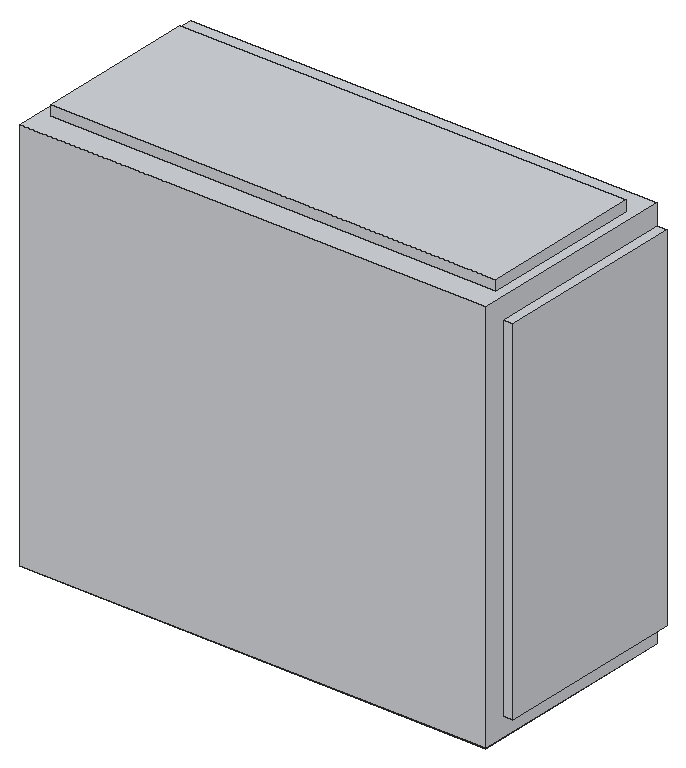
Revit family "5a82145ad666428982b6d0a6ed6161c6", category Duct Fittings, Revit 2021
Family settings
  Round Connector Dimension = Use Diameter
  Part Type = Tee
  OmniClass Number = 23.75.70.11.14.24
  OmniClass Title = Air Mixers
  Seek Item ID = Mixing Box-0000-USA-ENU
  Work Plane-Based = No
  Always vertical = Yes
  Cut with Voids When Loaded = No
  Shared = No
Parameters (values of type "6 Square Feet")
  Supply Air Outlet Width = 46"
  Supply Air Outlet Height = 39"
  Return Air Inlet Width = 46"
  Return Air Inlet Height = 39"
  Lining Thickness = 0"
  Insulation Thickness = 0"
  Fresh Air Inlet Width = 44"
  Fresh Air Inlet Height = 16"
  Default Elevation = 0' - 0"
  Box Width Lining = Box Width - 2 * Lining Thickness  # 21"
  Box Width Insulation = Box Width + 2 * Insulation Thickness  # 21"
  Box Width = Fresh Air Inlet Height + 0' 5"  # 21"
  Box Length Lining = Box Length - 2 * Lining Thickness  # 46"
  Box Length Insulation = Box Length + 2 * Insulation Thickness  # 46"
  Box Length = Supply Air Outlet Width  # 46"
  Box Height Lining = Box Height - 2 * Lining Thickness  # 39"
  Box Height Insulation = Box Height + 2 * Insulation Thickness  # 39"
  Box Height = Supply Air Outlet Height  # 39"
Types (14): name | Supply Air Outlet Width | Supply Air Outlet Height | Return Air Inlet Width | Return Air Inlet Height | Lining Thickness | Insulation Thickness | Fresh Air Inlet Width | Fresh Air Inlet Height | Box Width Lining | Box Width Insulation | Box Width | Box Length Lining | Box Length Insulation | Box Length | Box Height Lining | Box Height Insulation | Box Height
  (no name) | 46" | 39" | 46" | 39" | 0" | 0" | 44" | 16" | 21" | 21" | 21" | 46" | 46" | 46" | 39" | 39" | 39"
  6 Square Feet | 46" | 39" | 46" | 39" | 0" | 0" | 44" | 16" | 21" | 21" | 21" | 46" | 46" | 46" | 39" | 39" | 39"
  8 Square Feet | 54" | 42" | 54" | 42" | 3" | 3" | 52" | 16" | 15" | 27" | 21" | 48" | 60" | 54" | 36" | 48" | 42"
  10 Square Feet | 67" | 42" | 67" | 42" | 3" | 3" | 65" | 16" | 15" | 27" | 21" | 61" | 73" | 67" | 36" | 48" | 42"
  12 Square Feet | 67" | 49" | 67" | 49" | 3" | 3" | 65" | 16" | 15" | 27" | 21" | 61" | 73" | 67" | 43" | 55" | 49"
  14 Square Feet | 72" | 49" | 72" | 49" | 3" | 3" | 70" | 19" | 18" | 30" | 24" | 66" | 78" | 72" | 43" | 55" | 49"
  17 Square Feet | 79" | 52" | 79" | 52" | 3" | 3" | 77" | 19" | 18" | 30" | 24" | 73" | 85" | 79" | 46" | 58" | 52"
  21 Square Feet | 79" | 62" | 79" | 62" | 3" | 3" | 77" | 22" | 21" | 33" | 27" | 73" | 85" | 79" | 56" | 68" | 62"
  25 Square Feet | 86" | 62" | 86" | 62" | 3" | 3" | 84" | 22" | 21" | 33" | 27" | 80" | 92" | 86" | 56" | 68" | 62"
  30 Square Feet | 104" | 62" | 104" | 62" | 3" | 3" | 102" | 22" | 21" | 33" | 27" | 98" | 110" | 104" | 56" | 68" | 62"
  36 Square Feet | 109" | 73" | 109" | 73" | 3" | 3" | 107" | 31" | 30" | 42" | 36" | 103" | 115" | 109" | 67" | 79" | 73"
  40 Square Feet | 109" | 79" | 109" | 79" | 3" | 3" | 107" | 34" | 33" | 45" | 39" | 103" | 115" | 109" | 73" | 85" | 79"
  50 Square Feet | 117" | 89" | 117" | 89" | 3" | 3" | 115" | 37" | 36" | 48" | 42" | 111" | 123" | 117" | 83" | 95" | 89"
  61 Square Feet | 117" | 104" | 117" | 104" | 3" | 3" | 115" | 46" | 45" | 57" | 51" | 111" | 123" | 117" | 98" | 110" | 104"
Reference planes (in)
  plane 1 "Center (Front/Back)": y = 0
  plane 2: z = 0
  plane 3 "Center (Left/Right)": x = 0
  plane 4: x = -23
  plane 5: x = 23
  plane 6: z = 19.5
  plane 7: z = 20.5
  plane 8: x = -24
  plane 9: z = -17.5
  plane 10: z = 17.5
  plane 11: x = 24
  plane 12: y = 10.5
  plane 13: y = 10.5
  plane 14: y = -8.5
  plane 15: x = -22
  plane 16: x = 22
  plane 17: y = 8
  plane 18: y = -8
  plane 19: z = -19.5
  plane 20: y = -10.5
  plane 21: x = -23
  plane 22: x = 23
  plane 23: x = -23
  plane 24: x = 23
  plane 25: y = 10.5
  plane 26: y = -10.5
  plane 27: y = 10.5
  plane 28: y = -10.5
  plane 29: z = 19.5
  plane 30: z = -19.5
  plane 31: z = 19.5
  plane 32: z = -19.5
  plane 33: y = 8
  plane 34: y = -8
  plane 35: y = -8.5
  plane 36: x = -22
  plane 37: x = 22
  plane 38: x = -24
  plane 39: x = 24
  plane 40: z = 20.5
  plane 41: z = 17.5
  plane 42: z = -17.5
  plane 43: y = 8
  plane 44: y = -8
  plane 45: x = -22
  plane 46: x = 22
  plane 47: x = -24
  plane 48: x = 24
  plane 49: y = -8.5
  plane 50: z = 20.5
  plane 51: z = 17.5
  plane 52: z = -17.5
Forms (in)
  Extrusion 1, solid
    sketch origin (0, 0, 0) x (1, 0, 0) y (0, 0, 1)
      loop
        line (-23, 19.5) -> (-23, -19.5) -> (23, -19.5) -> (23, 19.5) -> (-23, 19.5)
    from -10.5 to 10.5
  Extrusion 2, solid, detail levels medium+fine
    sketch origin (0, 0, 0) x (1, 0, 0) y (0, 0, 1)
      loop
        line (-24, 17.5) -> (-24, -17.5) -> (-23, -17.5) -> (-23, 17.5) -> (-24, 17.5)
    from -10.5 to 8.5
  Extrusion 3, solid, detail levels medium+fine
    sketch origin (0, 0, 0) x (1, 0, 0) y (0, 0, 1)
      loop
        line (23, 17.5) -> (23, -17.5) -> (24, -17.5) -> (24, 17.5) -> (23, 17.5)
    from -10.5 to 8.5
  Extrusion 4, solid
    sketch origin (0, 0, 0) x (1, 0, 0) y (0, 0, 1)
      loop
        line (-22, 20.5) -> (-22, 19.5) -> (22, 19.5) -> (22, 20.5) -> (-22, 20.5)
    from -8 to 8
  Extrusion 5, solid
    sketch origin (0, 0, 0) x (1, 0, 0) y (0, 0, 1)
      loop
        line (-23, 19.5) -> (-23, -19.5) -> (23, -19.5) -> (23, 19.5) -> (-23, 19.5)
    from -10.5 to 10.5
  Extrusion 6, solid
    sketch origin (0, 0, 0) x (1, 0, 0) y (0, 0, 1)
      loop
        line (-23, 19.5) -> (-23, -19.5) -> (23, -19.5) -> (23, 19.5) -> (-23, 19.5)
    from -10.5 to 10.5
  Extrusion 7, solid
    sketch origin (0, 0, 0) x (1, 0, 0) y (0, 1, 0)
      loop
        line (-22, 8) -> (-22, -8) -> (22, -8) -> (22, 8) -> (-22, 8)
    from 19.5 to 20.5
  Extrusion 8, solid
    sketch origin (0, 0, 0) x (1, 0, 0) y (0, 1, 0)
      loop
        line (-24, 10.5) -> (-24, -8.5) -> (-23, -8.5) -> (-23, 10.5) -> (-24, 10.5)
    from -17.5 to 17.5
  Extrusion 9, solid
    sketch origin (0, 0, 0) x (1, 0, 0) y (0, 1, 0)
      loop
        line (23, 10.5) -> (23, -8.5) -> (24, -8.5) -> (24, 10.5) -> (23, 10.5)
    from -17.5 to 17.5
  Extrusion 10, solid
    sketch origin (0, 0, 0) x (1, 0, 0) y (0, 1, 0)
      loop
        line (-22, 8) -> (-22, -8) -> (22, -8) -> (22, 8) -> (-22, 8)
    from 19.5 to 20.5
Dimensions and locks (in)
  equal spacing: plane 5, plane 3 "Center (Left/Right)", plane 4
  "Box Length": plane 5 to plane 4
  locked: plane 7 to plane 6 at 1
  locked: plane 4 to plane 8 at 1
  locked: plane 6 to plane 10 at 2
  locked: plane 11 to plane 5 at 1
  "Box Height": plane 6 to plane 19
  equal spacing: plane 6, plane 2, plane 19
  plane 9 to plane 19 = 0' - 2"
  locked: plane 14 to plane 20 at 2
  equal spacing: plane 13, plane 1 "Center (Front/Back)", plane 20
  "Box Width": plane 13 to plane 20
  equal spacing: plane 21, plane 3 "Center (Left/Right)", plane 22
  "Box Length Insulation": plane 21 to plane 22
  equal spacing: plane 23, plane 3 "Center (Left/Right)", plane 24
  "Box Length Lining": plane 23 to plane 24
  equal spacing: plane 25, plane 1 "Center (Front/Back)", plane 26
  "Box Width Insulation": plane 25 to plane 26
  equal spacing: plane 27, plane 1 "Center (Front/Back)", plane 28
  "Box Width Lining": plane 27 to plane 28
  equal spacing: plane 29, plane 2, plane 30
  "Box Height Insulation": plane 29 to plane 30
  equal spacing: plane 31, plane 2, plane 32
  "Box Height Lining": plane 31 to plane 32
  locked: plane 35 to plane 26 at 2
  locked: plane 38 to plane 21 at 1
  locked: plane 22 to plane 39 at 1
  locked: plane 40 to plane 29 at 1
  locked: plane 29 to plane 41 at 2
  locked: plane 42 to plane 30 at 2
  locked: plane 47 to plane 23 at 1
  locked: plane 24 to plane 48 at 1
  locked: plane 49 to plane 28 at 2
  locked: plane 50 to plane 31 at 1
  locked: plane 31 to plane 51 at 2
  locked: plane 52 to plane 32 at 2
  "Fresh Air Inlet Width": plane 15 to plane 16
  "Lining Thickness": plane 15 to plane 45
  "Lining Thickness": plane 46 to plane 16
  "Insulation Thickness": plane 36 to plane 15
  "Insulation Thickness": plane 16 to plane 37
  equal spacing: plane 15, plane 3 "Center (Left/Right)", plane 16
  "Fresh Air Inlet Height": plane 17 to plane 18
  equal spacing: plane 17, plane 1 "Center (Front/Back)", plane 18
  "Insulation Thickness": plane 33 to plane 17
  "Insulation Thickness": plane 34 to plane 18
  "Lining Thickness": plane 17 to plane 43
  "Lining Thickness": plane 18 to plane 44
  aligned and locked: Extrusion 1 sketch curve to plane 6
  aligned and locked: Extrusion 1 sketch curve to plane 5
  aligned and locked: Extrusion 1 sketch curve to plane 4
  aligned and locked: Extrusion 2 sketch curve to plane 10
  aligned and locked: Extrusion 2 sketch curve to plane 8
  aligned and locked: plane 9 to Extrusion 2 sketch curve
  aligned and locked: Extrusion 2 sketch curve to plane 4
  aligned and locked: Extrusion 3 sketch curve to plane 10
  aligned and locked: plane 11 to Extrusion 3 sketch curve
  aligned and locked: plane 9 to Extrusion 3 sketch curve
  aligned and locked: plane 5 to Extrusion 3 sketch curve
  aligned and locked: plane 13 to Extrusion 2
  aligned and locked: Extrusion 2 to plane 14
  aligned and locked: plane 13 to Extrusion 3
  aligned and locked: Extrusion 3 to plane 14
  aligned and locked: Extrusion 4 sketch curve to plane 7
  aligned and locked: Extrusion 4 sketch curve to plane 15
  aligned and locked: plane 6 to Extrusion 4 sketch curve
  aligned and locked: plane 16 to Extrusion 4 sketch curve
  aligned and locked: plane 17 to Extrusion 4
  aligned and locked: plane 18 to Extrusion 4
  aligned and locked: plane 19 to Extrusion 1 sketch curve
  aligned and locked: Extrusion 1 to plane 20
  aligned and locked: plane 23 to Extrusion 5 sketch curve
  aligned and locked: Extrusion 5 sketch curve to plane 31
  aligned and locked: plane 32 to Extrusion 5 sketch curve
  aligned and locked: Extrusion 5 sketch curve to plane 24
  aligned and locked: plane 21 to Extrusion 6 sketch curve
  aligned and locked: Extrusion 6 sketch curve to plane 29
  aligned and locked: plane 30 to Extrusion 6 sketch curve
  aligned and locked: Extrusion 6 sketch curve to plane 22
  aligned and locked: Extrusion 6 to plane 26
  aligned and locked: plane 25 to Extrusion 6
  aligned and locked: plane 36 to Extrusion 7 sketch curve
  aligned and locked: Extrusion 7 sketch curve to plane 33
  aligned and locked: plane 34 to Extrusion 7 sketch curve
  aligned and locked: Extrusion 7 sketch curve to plane 37
  aligned and locked: plane 38 to Extrusion 8 sketch curve
  aligned and locked: Extrusion 8 sketch curve to plane 25
  aligned and locked: plane 35 to Extrusion 8 sketch curve
  aligned and locked: Extrusion 8 sketch curve to plane 21
  aligned and locked: plane 41 to Extrusion 8
  aligned and locked: Extrusion 8 to plane 42
  aligned and locked: Extrusion 6 to Extrusion 9 sketch curve  (x2)
  aligned and locked: plane 35 to Extrusion 9 sketch curve
  aligned and locked: Extrusion 9 sketch curve to plane 39
  aligned and locked: plane 41 to Extrusion 9
  aligned and locked: Extrusion 9 to plane 42
  aligned and locked: plane 45 to Extrusion 10 sketch curve
  aligned and locked: Extrusion 10 sketch curve to plane 43
  aligned and locked: plane 44 to Extrusion 10 sketch curve
  aligned and locked: Extrusion 10 sketch curve to plane 46
  aligned and locked: Extrusion 10 to plane 31
  aligned and locked: plane 7 to Extrusion 10
  aligned and locked: Extrusion 7 to plane 6
  aligned and locked: plane 7 to Extrusion 7
  aligned and locked: Extrusion 5 to Extrusion 2
  aligned and locked: Extrusion 1 to Extrusion 5
  aligned and locked: Extrusion 1 to Extrusion 2
Connectors (in)
  hvac at (0, 0, 20.5), driven by "Fresh Air Inlet Height", driven by "Fresh Air Inlet Width"
    settings: on Extrusion 7, index 2, duct flow 0 CFM, flow factor 0, pres drop 0.00 in-wg, loss coef 0, conn angle 0.00°, conn width 44", conn height 16", conn diameter 24", duct sys type 28, conn prof type 1, flow config 0, flow direction 1, loss method 0, conn ref index -1, conn util no, is conn primary no, conn desc ""
  hvac at (0, -10.5, 0), driven by "Supply Air Outlet Height", driven by "Supply Air Outlet Width"
    settings: on Extrusion 1, index 4, duct flow 0 CFM, flow factor 0, pres drop 0.00 in-wg, loss coef 0, conn angle 0.00°, conn width 46", conn height 39", conn diameter 24", duct sys type 28, conn prof type 1, flow config 0, flow direction 0, loss method 0, conn ref index -1, conn util no, is conn primary yes, conn desc ""
  hvac at (0, 10.5, 0), driven by "Return Air Inlet Height", driven by "Return Air Inlet Width"
    settings: on Extrusion 1, index 5, duct flow 0 CFM, flow factor 0, pres drop 0.00 in-wg, loss coef 0, conn angle 0.00°, conn width 46", conn height 39", conn diameter 24", duct sys type 28, conn prof type 1, flow config 0, flow direction 0, loss method 0, conn ref index -1, conn util no, is conn primary no, conn desc ""
